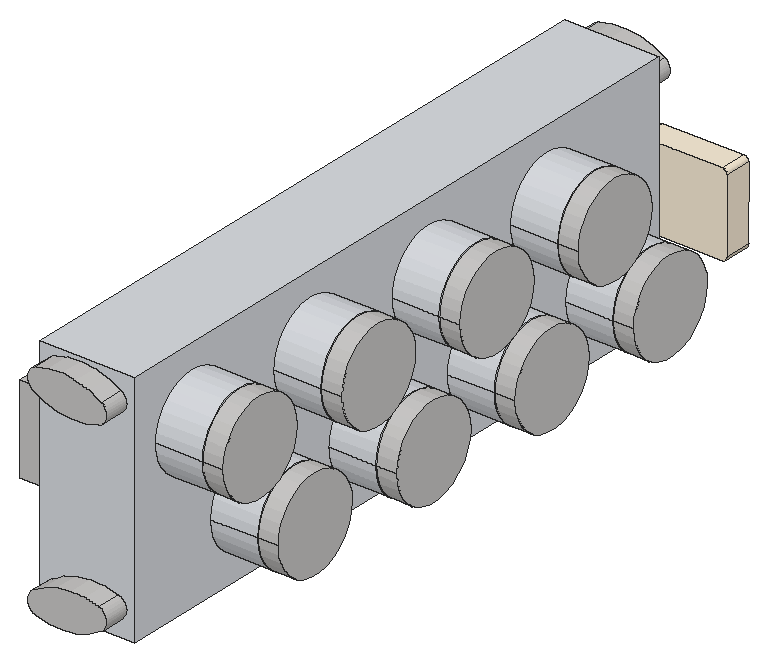
Revit family "HVAC_Ductwork_Airzone_Motorized-Plenum_Panasonic_Standard_8-Dampers", category Mechanical Equipment, Revit 2016
Family settings
  Part Type = Normal
  Round Connector Dimension = Use Diameter
  OmniClass Number = 23.75.70.14
  OmniClass Title = Air Ductwork
  Work Plane-Based = No
  Always vertical = Yes
  Cut with Voids When Loaded = No
  Shared = No
  Room Calculation Point = No
Parameters (values of type "PANST05L8")
  Voltage = 230 V
  URL = "www.airzone.es"
  Type Image Comments = "Image available in product documentation download"  # constant formula
  Revit Model Version = "1.0"  # constant formula
  Revit Model Author URL = "www.a3d.es"
  Revit Model Author = "A3D Consulting"  # constant formula
  Product Documentation Download URL = "http://doc.airzone.es/BIM/Easyzone/Panasonic-Airzone_motorized_plenum.zip"
  Product Comments = "Refer to technical documentation for further details"  # constant formula
  Power Factor = 1
  Neck Width = 1195.600 mm
  Neck Length = 95.000 mm
  Neck Height = 189.600 mm
  Material = Metal - AIRZONE - Galvanized Sheet - Semi-polished
  Main Control Board Material = Plastic - AIRZONE - Smooth - Off-white
  Load Classification = Other
  Insulated Body Width = 205.000 mm  # constant formula
  Insulated Body Material = Metal -AIRZONE - Insulating Lining -Aluminum Finish
  Insulated Body Length = 1425.000 mm  # constant formula
  Insulated Body Height = 515.000 mm  # constant formula
  Fresh Air Inlet 4 Flow [instance] = 0 m³/h
  Fresh Air Inlet 3 Flow [instance] = 0 m³/h
  Flow [instance] = Damper 8 Air Flow + Damper 7 Air Flow + Damper 6 Air Flow + Damper 5 Air Flow + Damper 4 Air Flow + Damper 3 Air Flow + Damper 2 Air Flow + Damper 1 Air Flow - Fresh Air Inlet 4 Flow - Fresh Air Inlet 3 Flow - Fresh Air Inlet 2 Flow - Fresh Air Inlet 1 Flow  # 2400 m³/h
  Fresh Air Inlet 1 Flow [instance] = 0 m³/h
  Fresh Air Inlet 2 Flow [instance] = 0 m³/h
  Fresh Air Inlet Connection Width = 175.000 mm
  Fresh Air Inlet Connection Height = 75.000 mm
  Model = "PANST05L8"
  Neck Side Offset = 164.700 mm
  Neck Bottom Offset = 187.700 mm
  Type Image = <None>
  Manufacturer = "AIRZONE"  # constant formula
  Main Control Board Depth = 57.000 mm  # constant formula
  Main Control Board Width = 195.000 mm  # constant formula
  Main Control Board Height = 180.000 mm  # constant formula
  Fixing = ""
  Disclaimer = "All information provided in this model is reviewed before being published. However, Airzone cannot guarantee this model is error-free, therefore users are strongly encouraged to check for technical documentation and updates"  # constant formula
  Description = "Airzone standard motorized plenum with neck that mechanically adapts to the main ducted AC units of Panasonic."
  Type Comments = ""
  Dampers Length = 149.000 mm  # constant formula
  Dampers Diameter = 200.000 mm  # constant formula
  Damper 8 Air Flow [instance] = 300 m³/h
  Damper 7 Air Flow [instance] = 300 m³/h
  Damper 6 Air Flow [instance] = 300 m³/h
  Damper 5 Air Flow [instance] = 300 m³/h
  Damper 4 Air Flow [instance] = 300 m³/h
  Damper 1 Air Flow [instance] = 300 m³/h
  Damper 2 Air Flow [instance] = 300 m³/h
  Damper 3 Air Flow [instance] = 300 m³/h
  Fresh Air Inlet Connection Offset Height = 48.305 mm  # constant formula
  Compatible Accesories = ""
  Apparent Load = 57.5 VA
Types (2, lengths in mm): name | Neck Width | Neck Height | Model | Neck Side Offset | Neck Bottom Offset
  PANST05L8 | 1195.600 | 189.600 | "PANST05L8" | 164.700 | 187.700
  PANST01L8 | 1091.600 | 162.600 | "PANST01L8" | 211.700 | 189.700
Reference planes
  plane 1 "Center (Front/Back)": y = 0
  plane 2 "Center (Elevation)": z = 0
  plane 3 "Center (Left/Right)": x = 0
  plane 4 "Neck Back": y = 597.8
  plane 5 "Neck Front": y = -597.8
  plane 6 "Neck Top": z = 94.8
  plane 7 "Neck Bottom": z = -94.8
  plane 8 "Left": x = 95
  plane 9 "Bottom": z = -282.5
  plane 10 "Top": z = 232.5
  plane 11 "Front": y = -662.5
  plane 12 "Back": y = 762.5
  plane 13 "Right": x = 300
  plane 14 "Dampers Front": x = 449
  plane 15 "Dampers L1 Center (Elevation)": z = 82.5
  plane 16 "Damper3": y = -185.84
  plane 17 "Damper2": y = 135.83
  plane 18 "Damper1": y = 457.5
  plane 19 "Middle": y = 50
  plane 20 "FreshAir L2 Center (Elevation)": z = -234.195
  plane 21 "FreshAir1": y = 815
  plane 22 "FreshAir2": y = -715
  plane 23 "Dampers Lining": x = 404
  plane 24 "FreshAir Vertical Axis": x = 195.83
  plane 25 "ConnectionBox Side": x = 254
  plane 26 "Main Control Board Center (Left/Right)": x = 351.5
  plane 27 "Damper4": y = -507.51
  plane 28 "Dampers L2 Center (Elevation)": z = -132.5
  plane 29 "Damper5": y = 607.51
  plane 30 "Damper6": y = 285.84
  plane 31 "Damper7": y = -35.83
  plane 32 "Damper8": y = -357.5
  plane 33 "InsulatedBody Center (Elevation)": z = -25
  plane 34 "FreshAir L1 Center (Elevation)": z = 184.195
Forms (mm)
  Extrusion 1, solid, material "Metal - AIRZONE - Galvanized Sheet - Semi-polished" <- "Material"
    sketch origin (0, 0, 0) x (0, 1, 0) y (0, 0, 1)
      loop
        line (-597.8, 94.8) -> (-597.8, -94.8) -> (597.8, -94.8) -> (597.8, 94.8) -> (-597.8, 94.8)
    from 0 to 95
  Extrusion 2, solid, material "Metal -AIRZONE - Insulating Lining -Aluminum Finish" <- "Insulated Body Material"
    sketch origin (95, 0, 0) x (0, 1, 0) y (0, 0, 1)
      loop
        line (-662.5, 232.5) -> (-662.5, -282.5) -> (762.5, -282.5) -> (762.5, 232.5) -> (-662.5, 232.5)
    from 0 to 205
  Extrusion 3, solid, material "Metal - AIRZONE - Galvanized Sheet - Semi-polished" <- "Material"
    sketch origin (300, 0, 0) x (0, 1, 0) y (0, 0, 1)
      loop
        circle (-185.84, 82.5) r 100
    from 104 to 149
  Extrusion 4, solid, material "Metal - AIRZONE - Galvanized Sheet - Semi-polished" <- "Material"
    sketch origin (300, 0, 0) x (0, 1, 0) y (0, 0, 1)
      loop
        circle (135.83, 82.5) r 100
    from 104 to 149
  Extrusion 5, solid, material "Metal - AIRZONE - Galvanized Sheet - Semi-polished" <- "Material"
    sketch origin (300, 0, 0) x (0, 1, 0) y (0, 0, 1)
      loop
        circle (457.5, 82.5) r 100
    from 104 to 149
  Extrusion 6, solid, material "Metal - AIRZONE - Galvanized Sheet - Semi-polished" <- "Material"
    sketch origin (0, -662.5, 0) x (0, 0, 1) y (1, 0, 0)
      loop
        arc (-201.641, 265.204) -> (-223.108, 282.105) -> (-247.812, 270.434) r 25.96
        arc (-247.812, 270.434) -> (-273.802, 200.598) -> (-266.349, 126.456) r 164.67
        arc (-266.349, 126.456) -> (-245.165, 109.589) -> (-220.494, 120.751) r 25.96
        arc (-220.494, 120.751) -> (-194.225, 190.78) -> (-201.641, 265.204) r 164.67
    from 0 to -52.5
  Extrusion 7, solid, material "Metal - AIRZONE - Galvanized Sheet - Semi-polished" <- "Material"
    sketch origin (0, 762.5, 0) x (0, 0, 1) y (1, 0, 0)
      loop
        arc (-201.641, 265.204) -> (-222.825, 282.071) -> (-247.496, 270.909) r 25.96
        arc (-247.496, 270.909) -> (-273.679, 201.53) -> (-266.767, 127.699) r 164.67
        arc (-266.767, 127.699) -> (-245.532, 109.637) -> (-220.178, 121.226) r 25.96
        arc (-220.178, 121.226) -> (-194.188, 191.062) -> (-201.641, 265.204) r 164.67
    from 0 to 52.5
  Extrusion 8, solid, material "Metal -AIRZONE - Insulating Lining -Aluminum Finish" <- "Insulated Body Material"
    sketch origin (300, 0, 0) x (0, 1, 0) y (0, 0, 1)
      loop
        circle (457.5, 82.5) r 100
    from 0 to 104
  Extrusion 9, solid, material "Metal -AIRZONE - Insulating Lining -Aluminum Finish" <- "Insulated Body Material"
    sketch origin (300, -260, 0) x (0, 1, 0) y (0, 0, 1)
      loop
        circle (395.83, 82.5) r 100
    from 0 to 104
  Extrusion 10, solid, material "Metal -AIRZONE - Insulating Lining -Aluminum Finish" <- "Insulated Body Material"
    sketch origin (300, -520, 0) x (0, 1, 0) y (0, 0, 1)
      loop
        circle (334.16, 82.5) r 100
    from 0 to 104
  Extrusion 11, solid, material "Metal - AIRZONE - Galvanized Sheet - Semi-polished" <- "Material"
    sketch origin (300, -190, 0) x (0, 1, 0) y (0, 0, 1)
      loop
        circle (-317.51, 82.5) r 100
    from 104 to 149
  Extrusion 12, solid, material "Metal -AIRZONE - Insulating Lining -Aluminum Finish" <- "Insulated Body Material"
    sketch origin (300, -710, 0) x (0, 1, 0) y (0, 0, 1)
      loop
        circle (202.49, 82.5) r 100
    from 0 to 104
  Extrusion 13, solid, material "Metal -AIRZONE - Insulating Lining -Aluminum Finish" <- "Insulated Body Material"
    sketch origin (300, -100, 0) x (0, 1, 0) y (0, 0, 1)
      loop
        circle (707.51, -132.5) r 100
    from 0 to 104
  Extrusion 14, solid, material "Metal - AIRZONE - Galvanized Sheet - Semi-polished" <- "Material"
    sketch origin (300, 150.01, 0) x (0, 1, 0) y (0, 0, 1)
      loop
        circle (457.5, -132.5) r 100
    from 104 to 149
  Extrusion 15, solid, material "Metal -AIRZONE - Insulating Lining -Aluminum Finish" <- "Insulated Body Material"
    sketch origin (300, -421.67, 0) x (0, 1, 0) y (0, 0, 1)
      loop
        circle (707.51, -132.5) r 100
    from 0 to 104
  Extrusion 16, solid, material "Metal - AIRZONE - Galvanized Sheet - Semi-polished" <- "Material"
    sketch origin (300, -171.66, 0) x (0, 1, 0) y (0, 0, 1)
      loop
        circle (457.5, -132.5) r 100
    from 104 to 149
  Extrusion 17, solid, material "Metal -AIRZONE - Insulating Lining -Aluminum Finish" <- "Insulated Body Material"
    sketch origin (300, -743.34, 0) x (0, 1, 0) y (0, 0, 1)
      loop
        circle (707.51, -132.5) r 100
    from 0 to 104
  Extrusion 18, solid, material "Metal - AIRZONE - Galvanized Sheet - Semi-polished" <- "Material"
    sketch origin (300, -493.33, 0) x (0, 1, 0) y (0, 0, 1)
      loop
        circle (457.5, -132.5) r 100
    from 104 to 149
  Extrusion 19, solid, material "Metal -AIRZONE - Insulating Lining -Aluminum Finish" <- "Insulated Body Material"
    sketch origin (300, -1065.01, 0) x (0, 1, 0) y (0, 0, 1)
      loop
        circle (707.51, -132.5) r 100
    from 0 to 104
  Extrusion 20, solid, material "Metal - AIRZONE - Galvanized Sheet - Semi-polished" <- "Material"
    sketch origin (300, -815, 0) x (0, 1, 0) y (0, 0, 1)
      loop
        circle (457.5, -132.5) r 100
    from 104 to 149
  Extrusion 21, solid, material "Metal - AIRZONE - Galvanized Sheet - Semi-polished" <- "Material"
    sketch origin (0, -662.5, -30) x (0, 0, -1) y (-1, 0, 0)
      loop
        arc (-181.641, -265.204) -> (-174.225, -190.78) -> (-200.494, -120.751) r 164.67
        arc (-200.494, -120.751) -> (-225.165, -109.589) -> (-246.349, -126.456) r 25.96
        arc (-246.349, -126.456) -> (-253.802, -200.598) -> (-227.812, -270.434) r 164.67
        arc (-227.812, -270.434) -> (-203.108, -282.105) -> (-181.641, -265.204) r 25.96
    from 0 to -52.5
  Extrusion 22, solid, material "Metal - AIRZONE - Galvanized Sheet - Semi-polished" <- "Material"
    sketch origin (0, 762.5, -30) x (0, 0, -1) y (-1, 0, 0)
      loop
        arc (-181.641, -265.204) -> (-174.188, -191.062) -> (-200.178, -121.226) r 164.67
        arc (-200.178, -121.226) -> (-225.532, -109.637) -> (-246.767, -127.699) r 25.96
        arc (-246.767, -127.699) -> (-253.679, -201.53) -> (-227.496, -270.909) r 164.67
        arc (-227.496, -270.909) -> (-202.825, -282.071) -> (-181.641, -265.204) r 25.96
    from 0 to 52.5
Lines and regions (mm)
  Masking region 1
    outline origin (0, 0, 0) x (1, 0, 0) y (0, 1, 0)
      loop
        line (95, 762.5) -> (95, -662.5) -> (300, -662.5) -> (300, 762.5) -> (95, 762.5)
  Masking region 2, detail levels medium+fine
    outline origin (0, 0, 0) x (1, 0, 0) y (0, 1, 0)
      loop
        line (0, 597.8) -> (0, -597.8) -> (95, -597.8) -> (95, 597.8) -> (0, 597.8)
  Masking region 3, detail levels medium+fine
    outline origin (0, 0, -234.195) x (1, 0, 0) y (0, 1, 0)
      loop
        line (108.33, 815) -> (108.33, 762.5) -> (283.33, 762.5) -> (283.33, 815) -> (108.33, 815)
  Masking region 4, detail levels medium+fine
    outline origin (0, 0, -234.195) x (1, 0, 0) y (0, 1, 0)
      loop
        line (108.33, -662.5) -> (108.33, -715) -> (283.33, -715) -> (283.33, -662.5) -> (108.33, -662.5)
  Masking region 5, detail levels medium+fine
    outline origin (0, 0, 0) x (1, 0, 0) y (0, 1, 0)
      loop
        line (254, 819.5) -> (254, 762.5) -> (449, 762.5) -> (449, 819.5) -> (254, 819.5)
  Masking region 6, detail levels medium+fine
    outline origin (0, 0, 82.5) x (0, -1, 0) y (1, 0, 0)
      loop
        line (407.51, 300) -> (607.51, 300) -> (607.51, 449) -> (407.51, 449) -> (407.51, 300)
  Masking region 7, detail levels medium+fine
    outline origin (0, 321.67, 82.5) x (0, -1, 0) y (1, 0, 0)
      loop
        line (407.51, 300) -> (607.51, 300) -> (607.51, 449) -> (407.51, 449) -> (407.51, 300)
  Masking region 8, detail levels medium+fine
    outline origin (0, 643.34, 82.5) x (0, -1, 0) y (1, 0, 0)
      loop
        line (407.51, 300) -> (607.51, 300) -> (607.51, 449) -> (407.51, 449) -> (407.51, 300)
  Masking region 9, detail levels medium+fine
    outline origin (0, 965.01, 82.5) x (0, -1, 0) y (1, 0, 0)
      loop
        line (407.51, 300) -> (607.51, 300) -> (607.51, 449) -> (407.51, 449) -> (407.51, 300)
  Masking region 10, detail levels medium+fine
    outline origin (0, 0, -132.5) x (0, -1, 0) y (1, 0, 0)
      loop
        line (-707.51, 300) -> (-507.51, 300) -> (-507.51, 449) -> (-707.51, 449) -> (-707.51, 300)
  Masking region 11, detail levels medium+fine
    outline origin (0, -321.67, -132.5) x (0, -1, 0) y (1, 0, 0)
      loop
        line (-707.51, 300) -> (-507.51, 300) -> (-507.51, 449) -> (-707.51, 449) -> (-707.51, 300)
  Masking region 12, detail levels medium+fine
    outline origin (0, -643.34, -132.5) x (0, -1, 0) y (1, 0, 0)
      loop
        line (-707.51, 300) -> (-507.51, 300) -> (-507.51, 449) -> (-707.51, 449) -> (-707.51, 300)
  Masking region 13, detail levels medium+fine
    outline origin (0, -965.01, -132.5) x (0, -1, 0) y (1, 0, 0)
      loop
        line (-707.51, 300) -> (-507.51, 300) -> (-507.51, 449) -> (-707.51, 449) -> (-707.51, 300)
  symbolic lines, detail levels coarse
    curve 1: line (95, -662.5, 0) -> (300, 50, 0)
    curve 2: line (300, 50, 0) -> (95, 762.5, 0)
Dimensions and locks
  equal spacing: plane 4 "Neck Back", plane 1 "Center (Front/Back)", plane 5 "Neck Front"
  "Neck Width": plane 4 "Neck Back" to plane 5 "Neck Front"
  equal spacing: plane 6 "Neck Top", level, plane 7 "Neck Bottom"
  "Neck Height": plane 6 "Neck Top" to plane 7 "Neck Bottom"
  "Neck Length": plane 3 "Center (Left/Right)" to plane 8 "Left"
  "Neck Bottom Offset": plane 7 "Neck Bottom" to plane 9 "Bottom"
  "Insulated Body Height": plane 10 "Top" to plane 9 "Bottom"
  "Insulated Body Length": plane 12 "Back" to plane 11 "Front"
  "Insulated Body Width": plane 8 "Left" to plane 13 "Right"
  "Dampers Length": plane 13 "Right" to plane 14 "Dampers Front"
  equal spacing: plane 12 "Back", plane 19 "Middle", plane 11 "Front"
  plane 8 "Left" to plane 13 "Right" = 205.000 mm
  "Fresh Air Inlet Connection Offset Height": plane 20 "FreshAir L2 Center (Elevation)" to plane 9 "Bottom"
  locked: Extrusion 6 sketch curve to plane 9 "Bottom" at 56.47
  locked: plane 13 "Right" to Extrusion 6 sketch curve at 43.69
  locked: plane 13 "Right" to Extrusion 6 sketch curve at 164.65
  locked: Extrusion 6 sketch curve to plane 9 "Bottom" at 40.54
  locked: plane 13 "Right" to Extrusion 6 sketch curve at 87.91
  locked: plane 9 "Bottom" to Extrusion 6 sketch curve at 75.01
  locked: plane 13 "Right" to Extrusion 6 sketch curve at 120.43
  locked: Extrusion 6 sketch curve to plane 9 "Bottom" at 172.02
  locked: plane 13 "Right" to Extrusion 7 sketch curve at 43.69
  locked: Extrusion 7 sketch curve to plane 9 "Bottom" at 56.47
  locked: Extrusion 7 sketch curve to plane 9 "Bottom" at 40.54
  locked: plane 13 "Right" to Extrusion 7 sketch curve at 164.65
  locked: plane 13 "Right" to Extrusion 7 sketch curve at 120.43
  locked: Extrusion 7 sketch curve to plane 9 "Bottom" at 172.02
  locked: plane 9 "Bottom" to Extrusion 7 sketch curve at 75.01
  locked: plane 13 "Right" to Extrusion 7 sketch curve at 87.91
  "Neck Side Offset": plane 12 "Back" to plane 4 "Neck Back"
  locked: plane 21 "FreshAir1" to plane 12 "Back" at 52.5
  plane 11 "Front" to plane 22 "FreshAir2" = 52.500 mm
  locked: connector elem to plane 13 "Right" at 104.17
  locked: plane 20 "FreshAir L2 Center (Elevation)" to connector elem
  locked: plane 13 "Right" to connector elem at 104.17
  locked: connector elem to plane 20 "FreshAir L2 Center (Elevation)"
  locked: plane 23 "Dampers Lining" to plane 14 "Dampers Front" at 45
  locked: plane 24 "FreshAir Vertical Axis" to plane 13 "Right" at 104.17
  equal spacing: Masking region 3 sketch curve, plane 24 "FreshAir Vertical Axis", Masking region 3 sketch curve
  "Fresh Air Inlet Connection Width": Masking region 3 sketch curve to Masking region 3 sketch curve
  equal spacing: Masking region 4 sketch curve, plane 24 "FreshAir Vertical Axis", Masking region 4 sketch curve
  "Fresh Air Inlet Connection Width": Masking region 4 sketch curve to Masking region 4 sketch curve
  "Main Control Board Depth": Masking region 5 sketch curve to plane 12 "Back"
  "Main Control Board Width": plane 25 "ConnectionBox Side" to plane 14 "Dampers Front"
  equal spacing: plane 25 "ConnectionBox Side", plane 26 "Main Control Board Center (Left/Right)", plane 14 "Dampers Front"
  equal spacing: Masking region 6 sketch curve, plane 27 "Damper4", Masking region 6 sketch curve
  "Dampers Diameter": Masking region 6 sketch curve to Masking region 6 sketch curve
  plane 18 "Damper1" to plane 17 "Damper2" to plane 16 "Damper3" to plane 27 "Damper4" = 321.670 mm locked, 321.670 mm locked, 321.670 mm locked
  locked: plane 17 "Damper2" to plane 19 "Middle" at 85.83
  locked: plane 10 "Top" to plane 15 "Dampers L1 Center (Elevation)" at 150
  locked: plane 28 "Dampers L2 Center (Elevation)" to plane 9 "Bottom" at 150
  plane 29 "Damper5" to plane 30 "Damper6" to plane 31 "Damper7" to plane 32 "Damper8" = 321.670 mm locked, 321.670 mm locked, 321.670 mm locked
  locked: plane 19 "Middle" to plane 31 "Damper7" at 85.83
  equal spacing: Masking region 7 sketch curve, plane 16 "Damper3", Masking region 7 sketch curve
  "Dampers Diameter": Masking region 7 sketch curve to Masking region 7 sketch curve
  equal spacing: Masking region 8 sketch curve, plane 17 "Damper2", Masking region 8 sketch curve
  "Dampers Diameter": Masking region 8 sketch curve to Masking region 8 sketch curve
  equal spacing: Masking region 9 sketch curve, plane 18 "Damper1", Masking region 9 sketch curve
  "Dampers Diameter": Masking region 9 sketch curve to Masking region 9 sketch curve
  equal spacing: Masking region 10 sketch curve, plane 29 "Damper5", Masking region 10 sketch curve
  "Dampers Diameter": Masking region 10 sketch curve to Masking region 10 sketch curve
  equal spacing: Masking region 11 sketch curve, plane 30 "Damper6", Masking region 11 sketch curve
  "Dampers Diameter": Masking region 11 sketch curve to Masking region 11 sketch curve
  equal spacing: Masking region 12 sketch curve, plane 31 "Damper7", Masking region 12 sketch curve
  "Dampers Diameter": Masking region 12 sketch curve to Masking region 12 sketch curve
  equal spacing: Masking region 13 sketch curve, plane 32 "Damper8", Masking region 13 sketch curve
  "Dampers Diameter": Masking region 13 sketch curve to Masking region 13 sketch curve
  equal spacing: plane 10 "Top", plane 33 "InsulatedBody Center (Elevation)", plane 9 "Bottom"
  locked: plane 13 "Right" to Extrusion 21 sketch curve at 43.69
  locked: plane 13 "Right" to Extrusion 21 sketch curve at 87.91
  locked: plane 13 "Right" to Extrusion 21 sketch curve at 120.43
  locked: plane 13 "Right" to Extrusion 21 sketch curve at 164.65
  locked: Extrusion 21 sketch curve to plane 10 "Top" at 75.01
  locked: plane 10 "Top" to Extrusion 21 sketch curve at 40.54
  locked: plane 10 "Top" to Extrusion 21 sketch curve at 56.47
  locked: plane 10 "Top" to Extrusion 21 sketch curve at 172.02
  locked: plane 10 "Top" to Extrusion 22 sketch curve at 75.01
  locked: Extrusion 22 sketch curve to plane 10 "Top" at 40.54
  locked: Extrusion 22 sketch curve to plane 10 "Top" at 56.47
  locked: Extrusion 22 sketch curve to plane 10 "Top" at 172.02
  locked: plane 13 "Right" to Extrusion 22 sketch curve at 43.69
  locked: plane 13 "Right" to Extrusion 22 sketch curve at 87.91
  locked: plane 13 "Right" to Extrusion 22 sketch curve at 120.43
  locked: plane 13 "Right" to Extrusion 22 sketch curve at 164.65
  "Fresh Air Inlet Connection Offset Height": plane 10 "Top" to plane 34 "FreshAir L1 Center (Elevation)"
  locked: connector elem to plane 24 "FreshAir Vertical Axis"  (x2)
  locked: connector elem to plane 34 "FreshAir L1 Center (Elevation)"  (x2)
  "Dampers Diameter": diameter of Extrusion 3 sketch curve
  "Dampers Diameter": diameter of Extrusion 4 sketch curve
  "Dampers Diameter": diameter of Extrusion 5 sketch curve
  radius of Extrusion 7 sketch curve = 164.670 mm  (x2)
  radius of Extrusion 7 sketch curve = 25.960 mm  (x2)
  radius of Extrusion 6 sketch curve = 164.670 mm  (x2)
  radius of Extrusion 6 sketch curve = 25.960 mm  (x2)
  "Dampers Diameter": diameter of Extrusion 8 sketch curve
  "Dampers Diameter": diameter of Extrusion 9 sketch curve
  "Dampers Diameter": diameter of Extrusion 10 sketch curve
  "Dampers Diameter": diameter of Extrusion 11 sketch curve
  "Dampers Diameter": diameter of Extrusion 12 sketch curve
  "Dampers Diameter": diameter of Extrusion 13 sketch curve
  "Dampers Diameter": diameter of Extrusion 14 sketch curve
  "Dampers Diameter": diameter of Extrusion 15 sketch curve
  "Dampers Diameter": diameter of Extrusion 16 sketch curve
  "Dampers Diameter": diameter of Extrusion 17 sketch curve
  "Dampers Diameter": diameter of Extrusion 18 sketch curve
  "Dampers Diameter": diameter of Extrusion 19 sketch curve
  "Dampers Diameter": diameter of Extrusion 20 sketch curve
  radius of Extrusion 21 sketch curve = 164.670 mm  (x2)
  radius of Extrusion 21 sketch curve = 25.960 mm  (x2)
  radius of Extrusion 22 sketch curve = 164.670 mm  (x2)
  radius of Extrusion 22 sketch curve = 25.960 mm  (x2)
  aligned and locked: level to plane 2 "Center (Elevation)"
  aligned and locked: plane 5 "Neck Front" to Extrusion 1 sketch curve
  aligned and locked: Extrusion 1 sketch curve to plane 6 "Neck Top"
  aligned and locked: Extrusion 1 sketch curve to plane 4 "Neck Back"
  aligned and locked: plane 7 "Neck Bottom" to Extrusion 1 sketch curve
  aligned and locked: Extrusion 1 to plane 3 "Center (Left/Right)"
  aligned and locked: Extrusion 2 sketch curve to plane 10 "Top"
  aligned and locked: Extrusion 2 sketch curve to plane 12 "Back"
  aligned and locked: plane 9 "Bottom" to Extrusion 2 sketch curve
  aligned and locked: plane 11 "Front" to Extrusion 2 sketch curve
  aligned and locked: plane 13 "Right" to Extrusion 2
  aligned and locked: Extrusion 2 to plane 8 "Left"
  aligned and locked: plane 16 "Damper3" to Extrusion 3 sketch curve
  aligned and locked: plane 15 "Dampers L1 Center (Elevation)" to Extrusion 3 sketch curve
  aligned and locked: plane 15 "Dampers L1 Center (Elevation)" to Extrusion 4 sketch curve
  aligned and locked: plane 18 "Damper1" to Extrusion 5 sketch curve
  aligned and locked: plane 15 "Dampers L1 Center (Elevation)" to Extrusion 5 sketch curve
  aligned and locked: plane 14 "Dampers Front" to Extrusion 5
  aligned and locked: plane 14 "Dampers Front" to Extrusion 4
  aligned and locked: plane 14 "Dampers Front" to Extrusion 3
  aligned and locked: plane 8 "Left" to Extrusion 1
  aligned and locked: plane 22 "FreshAir2" to Extrusion 6
  aligned and locked: plane 21 "FreshAir1" to Extrusion 7
  aligned and locked: Extrusion 7 to plane 12 "Back"
  aligned and locked: plane 11 "Front" to Extrusion 6
  aligned and locked: Extrusion 5 to plane 23 "Dampers Lining"
  aligned and locked: Extrusion 5 to Extrusion 4
  aligned and locked: Extrusion 4 to Extrusion 3
  aligned and locked: plane 23 "Dampers Lining" to Extrusion 8
  aligned and locked: Extrusion 10 to plane 13 "Right"
  aligned and locked: plane 23 "Dampers Lining" to Extrusion 10
  aligned and locked: Extrusion 9 to plane 13 "Right"
  aligned and locked: plane 23 "Dampers Lining" to Extrusion 9
  aligned and locked: Extrusion 8 to plane 13 "Right"
  aligned and locked: Extrusion 9 to Extrusion 8
  aligned and locked: plane 18 "Damper1" to Extrusion 8 sketch curve
  aligned and locked: plane 15 "Dampers L1 Center (Elevation)" to Extrusion 8 sketch curve
  aligned and locked: plane 15 "Dampers L1 Center (Elevation)" to Extrusion 9 sketch curve
  aligned and locked: plane 16 "Damper3" to Extrusion 10 sketch curve
  aligned and locked: plane 15 "Dampers L1 Center (Elevation)" to Extrusion 10 sketch curve
  aligned and locked: Masking region 1 sketch curve to plane 12 "Back"
  aligned and locked: plane 8 "Left" to Masking region 1 sketch curve
  aligned and locked: Masking region 1 sketch curve to plane 13 "Right"
  aligned and locked: plane 11 "Front" to Masking region 1 sketch curve
  aligned and locked: plane 5 "Neck Front" to Masking region 2 sketch curve
  aligned and locked: plane 3 "Center (Left/Right)" to Masking region 2 sketch curve
  aligned and locked: Masking region 2 sketch curve to plane 4 "Neck Back"
  aligned and locked: Masking region 2 sketch curve to plane 8 "Left"
  aligned and locked: plane 12 "Back" to Masking region 3 sketch curve
  aligned and locked: Masking region 3 sketch curve to plane 21 "FreshAir1"
  aligned and locked: Masking region 4 sketch curve to plane 11 "Front"
  aligned and locked: Masking region 4 sketch curve to plane 22 "FreshAir2"
  aligned and locked: plane 12 "Back" to Masking region 5 sketch curve
  aligned and locked: Masking region 5 sketch curve to plane 14 "Dampers Front"
  aligned and locked: plane 25 "ConnectionBox Side" to Masking region 5 sketch curve
  aligned and locked: plane 17 "Damper2" to Extrusion 9 sketch curve
  aligned and locked: plane 17 "Damper2" to Extrusion 4 sketch curve
  aligned and locked: Masking region 6 sketch curve to plane 14 "Dampers Front"
  aligned and locked: plane 13 "Right" to Masking region 6 sketch curve
  aligned and locked: Extrusion 12 to plane 13 "Right"
  aligned and locked: plane 23 "Dampers Lining" to Extrusion 12
  aligned and locked: Extrusion 11 to plane 23 "Dampers Lining"
  aligned and locked: plane 14 "Dampers Front" to Extrusion 11
  aligned and locked: plane 15 "Dampers L1 Center (Elevation)" to Extrusion 12 sketch curve
  aligned and locked: plane 27 "Damper4" to Extrusion 12 sketch curve
  aligned and locked: plane 15 "Dampers L1 Center (Elevation)" to Extrusion 11 sketch curve
  aligned and locked: plane 27 "Damper4" to Extrusion 11 sketch curve
  aligned and locked: Extrusion 13 to plane 13 "Right"
  aligned and locked: plane 23 "Dampers Lining" to Extrusion 13
  aligned and locked: plane 28 "Dampers L2 Center (Elevation)" to Extrusion 13 sketch curve
  aligned and locked: plane 29 "Damper5" to Extrusion 13 sketch curve
  aligned and locked: Extrusion 14 to plane 23 "Dampers Lining"
  aligned and locked: plane 14 "Dampers Front" to Extrusion 14
  aligned and locked: plane 28 "Dampers L2 Center (Elevation)" to Extrusion 14 sketch curve
  aligned and locked: plane 29 "Damper5" to Extrusion 14 sketch curve
  aligned and locked: Extrusion 15 to plane 13 "Right"
  aligned and locked: plane 23 "Dampers Lining" to Extrusion 15
  aligned and locked: Extrusion 17 to plane 13 "Right"
  aligned and locked: plane 23 "Dampers Lining" to Extrusion 17
  aligned and locked: Extrusion 19 to plane 13 "Right"
  aligned and locked: plane 23 "Dampers Lining" to Extrusion 19
  aligned and locked: Extrusion 20 to plane 23 "Dampers Lining"
  aligned and locked: plane 14 "Dampers Front" to Extrusion 20
  aligned and locked: Extrusion 18 to plane 23 "Dampers Lining"
  aligned and locked: plane 14 "Dampers Front" to Extrusion 18
  aligned and locked: Extrusion 16 to plane 23 "Dampers Lining"
  aligned and locked: plane 14 "Dampers Front" to Extrusion 16
  aligned and locked: plane 30 "Damper6" to Extrusion 16 sketch curve
  aligned and locked: plane 28 "Dampers L2 Center (Elevation)" to Extrusion 16 sketch curve
  aligned and locked: plane 31 "Damper7" to Extrusion 18 sketch curve
  aligned and locked: plane 28 "Dampers L2 Center (Elevation)" to Extrusion 18 sketch curve
  aligned and locked: plane 32 "Damper8" to Extrusion 20 sketch curve
  aligned and locked: plane 28 "Dampers L2 Center (Elevation)" to Extrusion 20 sketch curve
  aligned and locked: plane 32 "Damper8" to Extrusion 19 sketch curve
  aligned and locked: plane 28 "Dampers L2 Center (Elevation)" to Extrusion 19 sketch curve
  aligned and locked: plane 28 "Dampers L2 Center (Elevation)" to Extrusion 17 sketch curve
  aligned and locked: plane 31 "Damper7" to Extrusion 17 sketch curve
  aligned and locked: plane 30 "Damper6" to Extrusion 15 sketch curve
  aligned and locked: plane 28 "Dampers L2 Center (Elevation)" to Extrusion 15 sketch curve
  aligned and locked: plane 13 "Right" to Masking region 7 sketch curve
  aligned and locked: Masking region 7 sketch curve to plane 14 "Dampers Front"
  aligned and locked: plane 13 "Right" to Masking region 8 sketch curve
  aligned and locked: Masking region 8 sketch curve to plane 14 "Dampers Front"
  aligned and locked: plane 13 "Right" to Masking region 9 sketch curve
  aligned and locked: Masking region 9 sketch curve to plane 14 "Dampers Front"
  aligned and locked: plane 13 "Right" to Masking region 10 sketch curve
  aligned and locked: Masking region 10 sketch curve to plane 14 "Dampers Front"
  aligned and locked: plane 13 "Right" to Masking region 13 sketch curve
  aligned and locked: Masking region 13 sketch curve to plane 14 "Dampers Front"
  aligned and locked: plane 13 "Right" to Masking region 12 sketch curve
  aligned and locked: Masking region 12 sketch curve to plane 14 "Dampers Front"
  aligned and locked: plane 13 "Right" to Masking region 11 sketch curve
  aligned and locked: Masking region 11 sketch curve to plane 14 "Dampers Front"
  aligned and locked: plane 11 "Front" to Extrusion 21
  aligned and locked: plane 22 "FreshAir2" to Extrusion 21
  aligned and locked: plane 21 "FreshAir1" to Extrusion 22
  aligned and locked: Extrusion 22 to plane 12 "Back"
  aligned and locked: nested 1 to plane 12 "Back"
  aligned and locked: nested 1 to plane 26 "Main Control Board Center (Left/Right)"
  aligned and locked: nested 1 to plane 33 "InsulatedBody Center (Elevation)"
Automatic sketch dimensions
  curve 2 to plane 8 "Left" = 0.000 mm
  curve 1 to plane 8 "Left" = 0.000 mm
  curve 2 to plane 13 "Right" = 0.000 mm
  curve 1 to plane 11 "Front" = 0.000 mm
  curve 2 to plane 19 "Middle" = 0.000 mm
  curve 2 to plane 12 "Back" = 0.000 mm
Nested families
  nested 1: "Airzone_Main-Control-Board" at (351.5, 762.5, -25) x (-1, 0, 0) z (0, 1, 0), Extrusion <- "Main Control Board Depth", Height <- "Main Control Board Height", Width <- "Main Control Board Width", Material <- "Main Control Board Material", type "Standard"
    with Width 195.000 mm, Material Plastic - AIRZONE - Smooth - Off-white, Height 180.000 mm, Extrusion 57.000 mm
Connectors
  hvac at (449, -185.84, 82.5), driven by "Damper 3 Air Flow", driven by "Dampers Diameter"
    settings: on Extrusion 3, index 1, duct flow 300 m³/h, flow factor 0, pres drop 0.0 Pa, loss coef 0, conn angle 0.00°, conn width 304.8 mm, conn height 304.8 mm, conn diameter 200 mm, duct sys type 1, conn prof type 0, flow config 0, flow direction 2, loss method 0, conn ref index -1, conn util no, is conn primary no, conn desc "Supply Air Out 3"
  hvac at (449, 135.83, 82.5), driven by "Damper 2 Air Flow", driven by "Dampers Diameter"
    settings: on Extrusion 4, index 2, duct flow 300 m³/h, flow factor 0, pres drop 0.0 Pa, loss coef 0, conn angle 0.00°, conn width 304.8 mm, conn height 304.8 mm, conn diameter 200 mm, duct sys type 1, conn prof type 0, flow config 0, flow direction 2, loss method 0, conn ref index -1, conn util no, is conn primary no, conn desc "Supply Air Out 2"
  hvac at (449, 457.5, 82.5), driven by "Damper 1 Air Flow", driven by "Dampers Diameter"
    settings: on Extrusion 5, index 3, duct flow 300 m³/h, flow factor 0, pres drop 0.0 Pa, loss coef 0, conn angle 0.00°, conn width 304.8 mm, conn height 304.8 mm, conn diameter 200 mm, duct sys type 1, conn prof type 0, flow config 0, flow direction 2, loss method 0, conn ref index -1, conn util no, is conn primary no, conn desc "Supply Air Out 1"
  hvac at (0, 0, 0), driven by "Flow", driven by "Neck Height", driven by "Neck Width"
    settings: on Extrusion 1, index 6, duct flow 2400 m³/h, flow factor 0, pres drop 0.0 Pa, loss coef 0, conn angle 0.00°, conn width 1195.6 mm, conn height 189.6 mm, conn diameter 609.6 mm, duct sys type 1, conn prof type 1, flow config 1, flow direction 1, loss method 0, conn ref index -1, conn util no, is conn primary yes, conn desc "Supply Air In"
  hvac at (195.83, -715, -234.195), driven by "Fresh Air Inlet 4 Flow", driven by "Fresh Air Inlet Connection Width", driven by "Fresh Air Inlet Connection Height"
    settings: index 7, duct flow 0 m³/h, flow factor 0, pres drop 0.0 Pa, loss coef 0, conn angle 0.00°, conn width 175 mm, conn height 75 mm, conn diameter 609.6 mm, duct sys type 1, conn prof type 2, flow config 1, flow direction 1, loss method 0, conn ref index -1, conn util no, is conn primary no, conn desc "Fresh Air In 4"
  hvac at (195.83, 815, -234.195), driven by "Fresh Air Inlet 3 Flow", driven by "Fresh Air Inlet Connection Height", driven by "Fresh Air Inlet Connection Width"
    settings: index 8, duct flow 0 m³/h, flow factor 0, pres drop 0.0 Pa, loss coef 0, conn angle 0.00°, conn width 175 mm, conn height 75 mm, conn diameter 609.6 mm, duct sys type 1, conn prof type 2, flow config 1, flow direction 1, loss method 0, conn ref index -1, conn util no, is conn primary no, conn desc "Fresh Air In 3"
  hvac at (449, -507.51, 82.5), driven by "Damper 4 Air Flow", driven by "Dampers Diameter"
    settings: on Extrusion 11, index 9, duct flow 300 m³/h, flow factor 0, pres drop 0.0 Pa, loss coef 0, conn angle 0.00°, conn width 304.8 mm, conn height 304.8 mm, conn diameter 200 mm, duct sys type 1, conn prof type 0, flow config 0, flow direction 2, loss method 0, conn ref index -1, conn util no, is conn primary no, conn desc "Supply Air Out 4"
  hvac at (449, 607.51, -132.5), driven by "Dampers Diameter", driven by "Damper 5 Air Flow"
    settings: on Extrusion 14, index 10, duct flow 300 m³/h, flow factor 0, pres drop 0.0 Pa, loss coef 0, conn angle 0.00°, conn width 304.8 mm, conn height 304.8 mm, conn diameter 200 mm, duct sys type 1, conn prof type 0, flow config 0, flow direction 2, loss method 0, conn ref index -1, conn util no, is conn primary no, conn desc ""
  hvac at (449, 285.84, -132.5), driven by "Dampers Diameter", driven by "Damper 6 Air Flow"
    settings: on Extrusion 16, index 11, duct flow 300 m³/h, flow factor 0, pres drop 0.0 Pa, loss coef 0, conn angle 0.00°, conn width 304.8 mm, conn height 304.8 mm, conn diameter 200 mm, duct sys type 1, conn prof type 0, flow config 0, flow direction 2, loss method 0, conn ref index -1, conn util no, is conn primary no, conn desc ""
  hvac at (449, -35.83, -132.5), driven by "Dampers Diameter", driven by "Damper 7 Air Flow"
    settings: on Extrusion 18, index 12, duct flow 300 m³/h, flow factor 0, pres drop 0.0 Pa, loss coef 0, conn angle 0.00°, conn width 304.8 mm, conn height 304.8 mm, conn diameter 200 mm, duct sys type 1, conn prof type 0, flow config 0, flow direction 2, loss method 0, conn ref index -1, conn util no, is conn primary no, conn desc ""
  hvac at (449, -357.5, -132.5), driven by "Dampers Diameter", driven by "Damper 8 Air Flow"
    settings: on Extrusion 20, index 13, duct flow 300 m³/h, flow factor 0, pres drop 0.0 Pa, loss coef 0, conn angle 0.00°, conn width 304.8 mm, conn height 304.8 mm, conn diameter 200 mm, duct sys type 1, conn prof type 0, flow config 0, flow direction 2, loss method 0, conn ref index -1, conn util no, is conn primary no, conn desc ""
  hvac at (195.83, -715, 184.195), driven by "Fresh Air Inlet 2 Flow", driven by "Fresh Air Inlet Connection Height", driven by "Fresh Air Inlet Connection Width"
    settings: index 14, duct flow 0 m³/h, flow factor 0, pres drop 0.0 Pa, loss coef 0, conn angle 0.00°, conn width 175 mm, conn height 75 mm, conn diameter 609.6 mm, duct sys type 1, conn prof type 2, flow config 1, flow direction 1, loss method 0, conn ref index -1, conn util no, is conn primary no, conn desc "Fresh Air In 2"
  hvac at (195.83, 815, 184.195), driven by "Fresh Air Inlet 1 Flow", driven by "Fresh Air Inlet Connection Height", driven by "Fresh Air Inlet Connection Width"
    settings: index 15, duct flow 0 m³/h, flow factor 0, pres drop 0.0 Pa, loss coef 0, conn angle 0.00°, conn width 175 mm, conn height 75 mm, conn diameter 609.6 mm, duct sys type 1, conn prof type 2, flow config 1, flow direction 1, loss method 0, conn ref index -1, conn util no, is conn primary no, conn desc "Fresh Air In 1"
  electrical at (351.5, 819.5, -25), driven by "Load Classification", driven by "Voltage", driven by "Apparent Load", driven by "Power Factor"
    settings: on nested 1, index 16, voltage 230 V, apparent load 57.5 VA, apparent load phase1 0 VA, apparent load phase2 0 VA, apparent load phase3 0 VA, power factor 1, load classification "Other", number of poles 1, system type 30, power factor state 1, is connector primary yes, connector utility no, sub classification motor no, connector description "Power Supply"
Definition of nested family "Airzone_Main-Control-Board"
  Parameters (values of type "Standard")
    Width [instance] = 195.000 mm
    URL = "www.airzone.es"
    Revit Model Version = "1.0"  # constant formula
    Revit Model Author URL = "www.a3d.es"
    Revit Model Author = "A3D Consulting"  # constant formula
    Material [instance] = none
    Manufacturer = "AIRZONE"  # constant formula
    Height [instance] = 180.000 mm
    Extrusion [instance] = 57.000 mm
    Default Elevation = 0.000 mm
  Reference planes
    plane 1 "Center (Front/Back)": y = 0
    plane 2: z = 0
    plane 3 "Center (Left/Right)": x = 0
    plane 4: y = 90
    plane 5: y = -90
    plane 6: x = 97.5
    plane 7: x = -97.5
  Forms (mm)
    Extrusion 1, solid, material <- "Material"
      sketch origin (0, 0, 0) x (1, 0, 0) y (0, 1, 0)
        loop
          arc (-87.5, 90) -> (-94.571, 87.071) -> (-97.5, 80) r 10
          line (-97.5, 80) -> (-97.5, -80)
          arc (-97.5, -80) -> (-94.571, -87.071) -> (-87.5, -90) r 10
          line (-87.5, -90) -> (87.5, -90)
          arc (87.5, -90) -> (94.571, -87.071) -> (97.5, -80) r 10
          line (97.5, -80) -> (97.5, 80)
          arc (97.5, 80) -> (94.571, 87.071) -> (87.5, 90) r 10
          line (87.5, 90) -> (-87.5, 90)
      from 0 to 57 <- "Extrusion"
  Dimensions and locks
    equal spacing: plane 7, plane 3 "Center (Left/Right)", plane 6
    equal spacing: plane 4, plane 1 "Center (Front/Back)", plane 5
    "Width": plane 7 to plane 6
    "Height": plane 4 to plane 5
    radius of Extrusion 1 sketch curve = 10.000 mm  (x4)
    aligned and locked: level to plane 2
    aligned and locked: plane 5 to Extrusion 1 sketch curve
    aligned and locked: Extrusion 1 sketch curve to plane 6
    aligned and locked: Extrusion 1 sketch curve to plane 4
    aligned and locked: plane 7 to Extrusion 1 sketch curve
